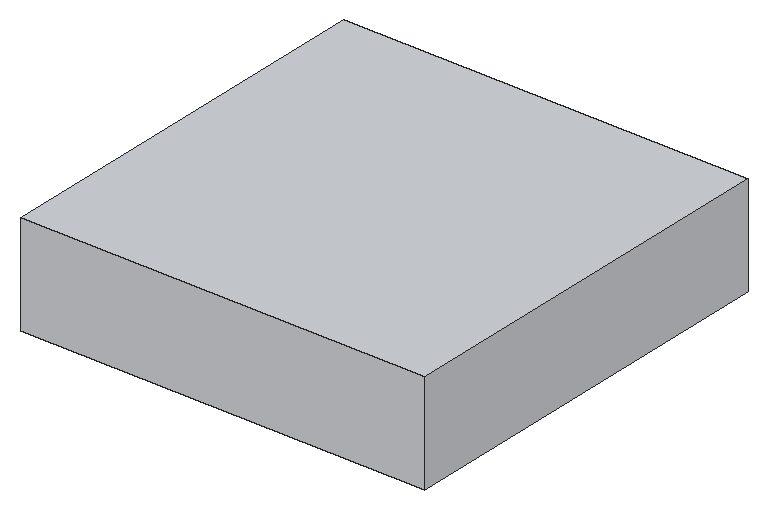
Revit family "Family1", category Generic Models, Revit 2017
Family settings
  Can host rebar = No
  Round Connector Dimension = Use Diameter
  Part Type = Normal
  Work Plane-Based = No
  Always vertical = Yes
  Cut with Voids When Loaded = No
  Shared = No
  Room Calculation Point = No
Parameters
  d = 3000 mm
  c = 3000 mm
  b = 1000 mm
  a = 1000 mm
Reference planes
  plane 1 "Center (Front/Back)": y = 0
  plane 2: z = 0
  plane 3 "Center (Left/Right)": x = 0
Forms (mm)
  Extrusion 1, solid
    sketch origin (0, 0, 0) x (1, 0, 0) y (0, 1, 0)
      loop
        line (2000, 3000) -> (2000, 2000) -> (3000, 2000) -> (3000, 3000) -> (2000, 3000)
    from 0 to 250
Dimensions and locks
  "c": plane 3 "Center (Left/Right)" to Extrusion 1
  "b": Extrusion 1 to Extrusion 1
  "a": Extrusion 1 to Extrusion 1
  "d": Extrusion 1 to plane 1 "Center (Front/Back)"
  aligned and locked: level to plane 2
Automatic sketch dimensions
  Extrusion 1 sketch curve to plane 1 "Center (Front/Back)" = 2000 mm
  plane 3 "Center (Left/Right)" to Extrusion 1 sketch curve = 2000 mm
  Extrusion 1 sketch curve to Extrusion 1 sketch curve = 1000 mm  (x2)
